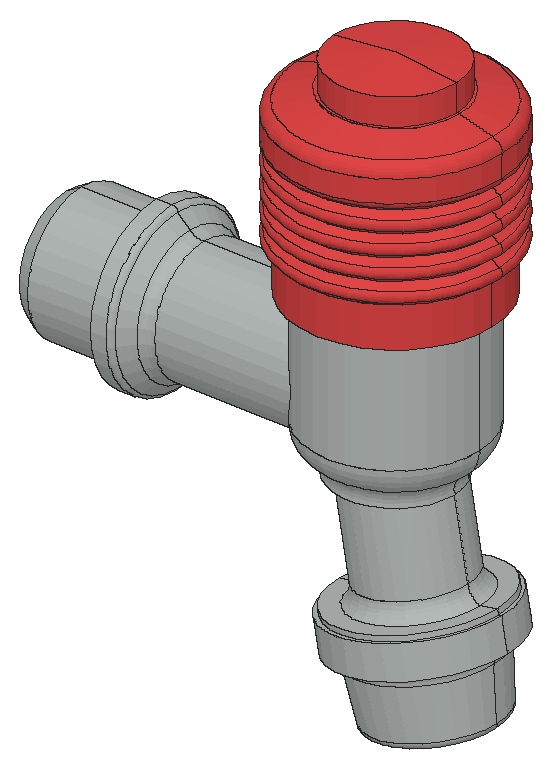
Revit family "QL20412099", category Apparecchi idraulici, Revit 2020
Family settings
  Quota connettore circolare = Usa diametro
  Tipo di parte = Normale
  Numero OmniClass = 23.45.00.00
  Titolo OmniClass = Sanitary, Laundry, and Cleaning Equipment
  Basato su piano di lavoro = No
  Sempre verticale = Sì
  Taglio con vuoti quando caricato = No
  Condiviso = No
  Punto di calcolo locali = No
Parameters
  URL = "https://web.cimberio.com/index.php/figura/1780?subcategoria_id=123"
  Temperatura di esercizio = "-10÷90°C"
  Prospetto di default = 0 mm
  Produttore = "CIMBERIO SPA"
  Pressione nominale = "PN 10"
  Modello = "Cim 40"
  Materiale = "Prodotto in lega di ottone conforme alla norma EN 12165-CW617N-DW"
  Descrizione = "Realizzato in ottemperanza ai requisiti gestionali della norma EN ISO 9001.\r\nUtilizzato per la regolazione della temperatura degli ambienti e comandare apparecchi degli impianti di riscaldamento e condizionamento."
  DN [instance] = 15 mm
  Commenti sul tipo = "Utilizzato per impianti idrici, applicazioni industriali ed agricole, in generale con ogni fluido non corrosivo.\r\nUtilizzato per impianti idrici, applicazioni industriali ed agricole, in generale con ogni fluido non corrosivo."
Reference planes
  plane 1 "Centro (Fronte/Retro)": y = 0
  plane 2: z = 0
  plane 3 "Centro (Sinistra/Destra)": x = 0
Forms (mm)
  Revolve 1, solid, material "Cim_Alluminio rosso"
    sketch origin (0, 0, 0) x (1, 0, 0) y (0, 0, 1)
      loop
        arc (-10, 41.2) -> (-12.601, 40.54) -> (-15.159, 39.73) r 46
        arc (-15.159, 39.73) -> (-16.131, 39) -> (-16.5, 37.842) r 2
        line (-16.5, 37.842) -> (-16.5, 34.412)
        arc (-16.5, 34.412) -> (-16.397, 33.97) -> (-16.109, 33.619) r 1
        line (-16.109, 33.619) -> (-14.989, 32.76) -> (-16.109, 31.9)
        arc (-16.109, 31.9) -> (-16.5, 31.107) -> (-16.109, 30.314) r 1
        line (-16.109, 30.314) -> (-14.989, 29.454) -> (-16.109, 28.595)
        arc (-16.109, 28.595) -> (-16.5, 27.802) -> (-16.109, 27.008) r 1
        line (-16.109, 27.008) -> (-14.989, 26.149) -> (-16.109, 25.289)
        arc (-16.109, 25.289) -> (-16.5, 24.496) -> (-16.109, 23.703) r 1
        line (-16.109, 23.703) -> (-14.989, 22.843) -> (-16.109, 21.984)
        arc (-16.109, 21.984) -> (-16.5, 21.191) -> (-16.109, 20.397) r 1
        line (-16.109, 20.397) -> (-15, 19.547) -> (-15, 13.3) -> (0, 13.3) -> (0, 41.2) -> (-10, 41.2)
      axis (0, 41.2) -> (0, 13.3)
    angle from 0 to 360
  Revolve 2, solid, material "Cim_Alluminio rosso"
    sketch origin (0, 0, 0) x (1, 0, 0) y (0, 0, 1)
      loop
        line (0, 41.2) -> (0, 46.249)
        arc (0, 46.249) -> (-4.774, 46.019) -> (-9.5, 45.308) r 47.415
        line (-9.5, 45.308) -> (-9.5, 41.2) -> (0, 41.2)
      axis (0, 46.249) -> (0, 41.2)
    angle from 0 to 360
  Revolve 3, solid, material "Cim_Lega di ottone filetto"
    sketch origin (0, 0, 0) x (1, 0, 0) y (0, 0, 1)
      loop
        line (-48.7, 10.35) -> (-51, 9.022) -> (-51, 7.506) -> (-37, 7.506) -> (-37, 10.35) -> (-48.7, 10.35)
      axis (-51, 0) -> (-37, 0)
    angle from 0 to 360
  Revolve 4, solid, material "Cim_Lega di ottone"
    sketch origin (0, 0, 0) x (1, 0, 0) y (0, 0, 1)
      loop
        line (-37, 7.5) -> (0, 7.5) -> (0, 9.5) -> (-29.757, 9.5)
        arc (-29.757, 9.5) -> (-30.905, 9.728) -> (-31.879, 10.379) r 3
        line (-31.879, 10.379) -> (-33.742, 12.242)
        arc (-33.742, 12.242) -> (-34.098, 12.659) -> (-34.624, 12.815) r 0.966
        line (-34.624, 12.815) -> (-37, 12.815) -> (-37, 7.5)
      axis (0, 0) -> (-37, 0)
    angle from 0 to 360
  Revolve 5, solid, material "Cim_Lega di ottone"
    sketch origin (0, 0, 0) x (1, 0, 0) y (0, 0, 1)
      loop
        line (0, 13.3) -> (0, -12.042) -> (9.118, -12.042)
        arc (9.118, -12.042) -> (9.347, -10.268) -> (10.545, -8.94) r 3
        arc (10.545, -8.94) -> (12.343, -7.113) -> (13, -4.636) r 5
        line (13, -4.636) -> (13, 13.3) -> (0, 13.3)
      axis (0, -12.042) -> (0, 13.3)
    angle from 0 to 360
  Revolve 6, solid, material "Cim_Lega di ottone"
    sketch origin (0, 0, 0) x (1, 0, 0) y (0, 0, 1)
      loop
        line (11.179, -23.731) -> (8.249, -7.114) -> (0.223, -8.529) -> (3.656, -28) -> (13.872, -26.198)
        arc (13.872, -26.198) -> (12.107, -25.421) -> (11.179, -23.731) r 3
      axis (3.656, -28) -> (0.223, -8.529)
    angle from 0 to 360
  Revolve 7, solid, material "Cim_Lega di ottone"
    sketch origin (0, 0, 0) x (1, 0, 0) y (0, 0, 1)
      loop
        line (6.414, -44.025) -> (14.955, -42.519)
        arc (14.955, -42.519) -> (15.567, -42.152) -> (15.78, -41.471) r 1
        line (15.78, -41.471) -> (15.277, -33.424)
        arc (15.277, -33.424) -> (15.444, -32.358) -> (16.045, -31.461) r 2.5
        line (16.045, -31.461) -> (17.404, -31.222) -> (16.538, -26.196) -> (3.67, -28.465) -> (6.414, -44.025)
      axis (6.414, -44.025) -> (3.67, -28.465)
    angle from 0 to 360
  Revolve 8, solid, material "Cim_Lega di ottone"
    sketch origin (0, 0, 0) x (1, 0, 0) y (0, 0, 1)
      loop
        line (15.833, -25.508) -> (3.597, -27.665) -> (3.736, -28.453) -> (15.972, -26.295) -> (15.833, -25.508)
      axis (3.597, -27.665) -> (3.771, -28.65)
    angle from 0 to 360
Dimensions and locks
  aligned and locked: level to plane 2
Connectors
  piping at (-51, 0, 0), diameter 15, driven by "DN"
    settings: on Revolve 3, index 1, connector inside diameter 609.6 mm, connector length 0 mm, flow factor 0, pipe flow 0.0 L/s, pressure drop 0.0 Pa, fitting loss kfactor 0, connector angle 0.00°, fixture units 0, engagement length 0 mm, angle of deflection 0.00°, flow configuration 0, flow direction 0, fitting loss method 0, system type 7, joint type 0, gender type 0, connector reference index -1, connector utility 0, adjustable connector no, is connector primary yes, connector description ""
  piping at (4.556, 0, -33.487), diameter 15, driven by "DN"
    settings: on Revolve 7, index 2, connector inside diameter 609.6 mm, connector length 0 mm, flow factor 0, pipe flow 0.0 L/s, pressure drop 0.0 Pa, fitting loss kfactor 0, connector angle 0.00°, fixture units 0, engagement length 0 mm, angle of deflection 0.00°, flow configuration 0, flow direction 0, fitting loss method 0, system type 7, joint type 0, gender type 0, connector reference index -1, connector utility 0, adjustable connector no, is connector primary no, connector description ""
